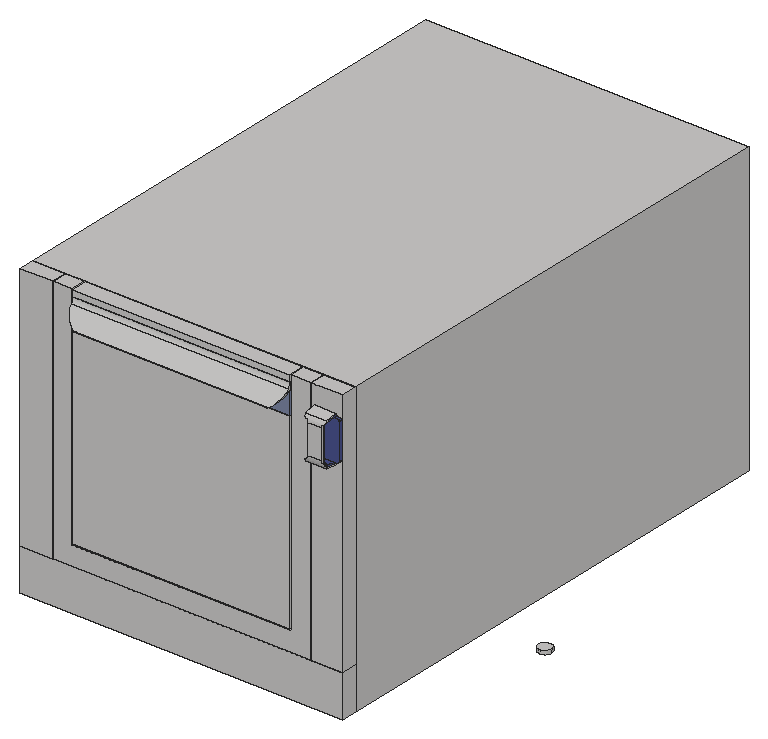
Revit family "QF_ELECTROLUXPROFESSIONAL_588655_MB4CCAEOAO", category Attrezzature speciali, Revit 2020
Family settings
  Quota connettore circolare = Usa diametro
  Tipo di parte = Normale
  Basato su piano di lavoro = No
  Sempre verticale = Sì
  Taglio con vuoti quando caricato = No
  Condiviso = No
  Punto di calcolo locali = No
Parameters (values of type "Standard")
  Weight = 22.00 kg
  Watts = 1000 W
  Volts = 400 V
  URL Manufacturer = "https://www.electroluxprofessional.com/"
  URL = "https://www.electroluxprofessional.com/"
  Steam Supply Size = 0"
  Steam Supply Minimum Pressure = 0.00 psi
  Steam Supply Maximum Pressure = 0.00 psi
  Steam Consumption per Hour = 0
  Refrigeration Suction Line Size = 0 mm
  Refrigeration Liquid Line Size = 0 mm
  Refrigerant Compressor Remote = yes
  Prospetto di default = 0 mm
  Phase = 3
  Modello = "MB4CCAEOAO"
  Produttore = "Electrolux Professional"
  Length Actual = 500 mm  # constant formula
  Item Number = "588655"
  Hot Water Size = 0"
  Height Actual = 450 mm  # constant formula
  HP = "1.3 HP"
  Gas Size = 0"
  Gas KW = 0
  Gas Input Pressure = 0.0 Btu/h
  Direct Waste Size = 0"
  Descrizione = "EL.WARMING CAB,GN,1 DOOR,1S,500X850X450H"
  Depth Actual = 850 mm  # constant formula
  Cycle = 50 Hz
  Condensate Return Size = 0"
  Compressed Air Volume = 0 GPM
  Compressed Air Size = 0"
  Compressed Air Pressure = 0.00 psi
  Cold Water Size = 0"
  Accessory = yes
Reference planes
  plane 1 "BACK": y = 0
  plane 2: z = 0
  plane 3 "LEFT": x = 0
  plane 4 "RIGHT": x = 500
  plane 5 "FRONT": y = -850
  plane 6 "PLAIN": z = 900
  plane 7 "Center (Left/Right)": x = 250
  plane 8 "Center (Front/Back)": y = -425
  plane 9 "TOP": z = 650
  plane 10 "BASE": z = 200
  plane 11: x = 422
  plane 12: x = 78
  plane 13 "Feet_back": y = -150
  plane 14 "Feet_Front": y = -720
  plane 15: x = 50
  plane 16: x = 450
  plane 17: z = 265
  plane 18: y = -45
  plane 19: y = -805
  plane 20: y = -70
  plane 21: y = -830
  plane 22 "ButtonX": x = 475
  plane 23 "ButtonZ": z = 590
  plane 24 "EIy": y = -537.367
  plane 25 "EIx": x = 579.018
Forms (mm)
  Extrusion 1, solid, material "QF_Finishes_Stainless Steel"
    sketch origin (0, 0, 650) x (0, 1, 0) y (0, 0, 1)
      loop
        line (-45, -450) -> (-45, 0) -> (-805, 0) -> (-805, -450) -> (-45, -450)
    from 0 to 500
  Extrusion 2, solid, material "QF_Finishes_Stainless Steel"
    sketch origin (0, 0, 650) x (0, 1, 0) y (0, 0, 1)
      loop
        line (-830, -450) -> (-805, -450) -> (-805, -385) -> (-830, -385) -> (-830, -450)
    from 0 to 500
  Extrusion 3, void
    sketch origin (0, -850, 0) x (1, 0, 0) y (0, 0, 1)
      loop
        line (50, 650) -> (50, 265) -> (450, 265) -> (450, 650) -> (50, 650)
    from 0 to -780
  Extrusion 4, solid, material "QF_Finishes_Stainless Steel"
    sketch origin (0, -850, 0) x (1, 0, 0) y (0, 0, 1)
      loop
        line (80, 650) -> (80, 627) -> (420, 627) -> (420, 650) -> (80, 650)
    from -45 to -805
  Extrusion 5, solid, material "QF_Finishes_Stainless Steel"
    sketch origin (0, -850, 0) x (1, 0, 0) y (0, 0, 1)
      loop
        line (50, 650) -> (50, 265) -> (450, 265) -> (450, 650) -> (420, 650) -> (420, 295) -> (80, 295) -> (80, 650) -> (50, 650)
    from -45 to -780
  Extrusion 6, solid, material "QF_Finishes_Stainless Steel"
    sketch origin (0, -850, 0) x (1, 0, 0) y (0, 0, 1)
      loop
        line (0, 650) -> (0, 265) -> (50, 265) -> (50, 650) -> (0, 650)
    from -20 to -45
  Extrusion 7, solid, material "QF_Finishes_Stainless Steel"
    sketch origin (0, -850, 0) x (1, 0, 0) y (0, 0, 1)
      loop
        line (450, 650) -> (450, 265) -> (500, 265) -> (500, 650) -> (450, 650)
    from -20 to -45
  Extrusion 8, solid, material "QF_Finishes_Stainless Steel"
    sketch origin (0, 0, 200) x (-1, 0, 0) y (0, -1, 0)
      loop
        circle (-579.018, 537.367) r 10
    from 0 to -5
  Extrusion 9, solid, material "QF_Finishes_Stainless Steel"
    sketch origin (220, -850, 0) x (1, 0, 0) y (0, 0, 1)
      loop
        line (-170, 650) -> (-170, 265) -> (230, 265) -> (230, 650) -> (200, 650) -> (200, 295) -> (-140, 295) -> (-140, 650) -> (-170, 650)
    from -20 to -45
Cuts and joins
  Extrusion 3 cuts Extrusion 1
  joined: Extrusion 1, Extrusion 4, Extrusion 5
Lines and regions (mm)
  symbolic lines, style "SpecialityEquipmentHiddenLines"
    curve 1: line (0, 0, 0) -> (500, 0, 0)
    curve 2: line (0, -850, 0) -> (0, 0, 0)
    curve 3: line (500, -850, 0) -> (0, -850, 0)
    curve 4: line (500, 0, 0) -> (500, -850, 0)
Dimensions and locks
  plane 3 "LEFT" to plane 4 "RIGHT" = 500 mm
  plane 5 "FRONT" to plane 1 "BACK" = 850 mm
  equal spacing: plane 3 "LEFT", plane 7 "Center (Left/Right)", plane 4 "RIGHT"
  equal spacing: plane 5 "FRONT", plane 8 "Center (Front/Back)", plane 1 "BACK"
  plane 6 "PLAIN" to plane 9 "TOP" = 250 mm
  plane 10 "BASE" to level = 200 mm
  plane 9 "TOP" to plane 10 "BASE" = 450 mm
  locked: plane 1 "BACK" to plane 13 "Feet_back" at 150
  locked: plane 14 "Feet_Front" to plane 5 "FRONT" at 130
  locked: plane 12 to plane 3 "LEFT" at 78
  locked: plane 11 to plane 4 "RIGHT" at 78
  plane 16 to plane 15 = 400 mm
  equal spacing: plane 16, plane 7 "Center (Left/Right)", plane 15
  locked: plane 17 to plane 10 "BASE" at 65
  locked: plane 1 "BACK" to plane 18 at 45
  plane 9 "TOP" to Extrusion 4 sketch curve = 23 mm
  locked: Extrusion 4 sketch curve to plane 15 at 30
  locked: plane 16 to Extrusion 4 sketch curve at 30
  locked: Extrusion 5 sketch curve to plane 17 at 30
  plane 6 "PLAIN" to level = 900 mm
  Extrusion 5 to Extrusion 5 = 340 mm
  locked: plane 18 to plane 20 at 25
  locked: plane 21 to plane 5 "FRONT" at 20
  locked: plane 19 to plane 21 at 25
  plane 18 to plane 21 = 785 mm
  plane 22 "ButtonX" to plane 4 "RIGHT" = 25 mm
  plane 23 "ButtonZ" to level = 590 mm
  aligned and locked: level to plane 2
  aligned and locked: Extrusion 1 to plane 4 "RIGHT"
  aligned and locked: Extrusion 1 to plane 3 "LEFT"
  aligned and locked: Extrusion 2 to plane 4 "RIGHT"
  aligned and locked: plane 9 "TOP" to Extrusion 3 sketch curve
  aligned and locked: Extrusion 3 sketch curve to plane 15
  aligned and locked: plane 16 to Extrusion 3 sketch curve
  aligned and locked: Extrusion 2 to plane 10 "BASE"
  aligned and locked: Extrusion 2 to plane 17
  aligned and locked: plane 17 to Extrusion 3 sketch curve
  aligned and locked: Extrusion 4 to plane 18
  aligned and locked: Extrusion 5 sketch curve to plane 15
  aligned and locked: plane 16 to Extrusion 5 sketch curve
  aligned and locked: plane 9 "TOP" to Extrusion 5 sketch curve  (x2)
  aligned and locked: plane 17 to Extrusion 5 sketch curve
  aligned and locked: Extrusion 5 sketch curve to Extrusion 4  (x2)
  aligned and locked: Extrusion 6 sketch curve to plane 9 "TOP"
  aligned and locked: plane 3 "LEFT" to Extrusion 6 sketch curve
  aligned and locked: Extrusion 6 sketch curve to plane 17
  aligned and locked: Extrusion 6 sketch curve to plane 15
  aligned and locked: Extrusion 7 sketch curve to plane 9 "TOP"
  aligned and locked: plane 16 to Extrusion 7 sketch curve
  aligned and locked: Extrusion 7 sketch curve to plane 17
  aligned and locked: plane 4 "RIGHT" to Extrusion 7 sketch curve
  aligned and locked: cut or joined group of Extrusion 1, Extrusion 3, Extrusion 4, Extrusion 5 to Extrusion 4
  aligned and locked: plane 7 "Center (Left/Right)" to nested 1
  aligned and locked: Extrusion 5 to plane 20
  aligned and locked: cut or joined group of Extrusion 1, Extrusion 3, Extrusion 4, Extrusion 5 to plane 20
  aligned and locked: cut or joined group of Extrusion 1, Extrusion 3, Extrusion 4, Extrusion 5 to plane 18
  aligned and locked: plane 19 to Extrusion 4
  aligned and locked: Extrusion 6 to plane 19
  aligned and locked: plane 21 to Extrusion 6
  aligned and locked: plane 21 to Extrusion 7
  aligned and locked: Extrusion 7 to plane 19
  aligned and locked: Extrusion 2 to plane 19
  aligned and locked: plane 21 to Extrusion 2
  aligned and locked: plane 23 "ButtonZ" to nested 2
  aligned and locked: nested 2 to plane 21
  aligned and locked: plane 22 "ButtonX" to nested 2
  aligned and locked: plane 19 to cut or joined group of Extrusion 1, Extrusion 3, Extrusion 4, Extrusion 5
  aligned and locked: Extrusion 9 sketch curve to plane 17
Automatic sketch dimensions
  curve 3 to plane 3 "LEFT" = 0 mm
  curve 3 to plane 4 "RIGHT" = 0 mm
  plane 5 "FRONT" to curve 3 = 0 mm
  plane 1 "BACK" to curve 2 = 0 mm
  Extrusion 1 sketch curve to plane 10 "BASE" = 0 mm
  Extrusion 1 sketch curve to plane 19 = 0 mm
  Extrusion 1 sketch curve to plane 18 = 0 mm
  Extrusion 1 sketch curve to plane 9 "TOP" = 0 mm
  plane 17 to Extrusion 2 sketch curve = 0 mm
  Extrusion 2 sketch curve to plane 21 = 0 mm
  Extrusion 2 sketch curve to plane 10 "BASE" = 0 mm
  Extrusion 2 sketch curve to plane 19 = 0 mm
  Extrusion 4 sketch curve to plane 9 "TOP" = 0 mm
  Extrusion 8 sketch curve to plane 24 "EIy" = 0 mm
  Extrusion 8 sketch curve to plane 25 "EIx" = 0 mm
  Extrusion 9 sketch curve to plane 15 = 0 mm
  Extrusion 9 sketch curve to plane 9 "TOP" = 0 mm  (x2)
  Extrusion 9 sketch curve to plane 16 = 0 mm
  plane 15 to Extrusion 9 sketch curve = 30 mm
  Extrusion 9 sketch curve to plane 16 = 30 mm
  Extrusion 9 sketch curve to plane 17 = 30 mm
  radius of Extrusion 8 sketch curve = 10 mm
Nested families
  nested 1: "H450_1DOOR" at (213.958, -805, 200) x (1, 0, 0) z (0, -1, 0), type "H450_1DOOR"
    with Width 340 mm, Show Clearance yes
  nested 2: "Range Control Handle" at (475, -833.137, -381.092), type "Range Control Handle"
Connectors
  electrical at (579.018, -537.367, 195), driven by "Volts"
    settings: on Extrusion 8, index 1, voltage 400 V, apparent load 0 VA, apparent load phase1 0 VA, apparent load phase2 0 VA, apparent load phase3 0 VA, power factor 1, load classification "Other", number of poles 1, system type 30, power factor state 1, is connector primary yes, connector utility no, sub classification motor no, connector description "Electrical Connection"
Definition of nested family "H450_1DOOR"
  Parameters
    Width [instance] = 340 mm
    Show Clearance [instance] = yes
    Model = "727995"
    Height = 450 mm
    Default Elevation = 0 mm
  Reference planes
    plane 1 "Center (Front/Back)": y = 0
    plane 2: z = 0
    plane 3 "Center (Left/Right)": x = 36.042
    plane 4 "panel": z = 25
    plane 5: x = -133.958
    plane 6: x = 206.042
    plane 7: y = 450
    plane 8: z = 340
    plane 9: z = 45
    plane 10: x = -108.958
  Forms (mm)
    Extrusion 1, solid
      sketch origin (0, -919.2, 0) x (1, 0, 0) y (0, 1, 0)
        loop
          line (-980.5, 2119.2) -> (-980.5, -162.846) -> (881.94, -162.846) -> (881.94, 2119.2) -> (-980.5, 2119.2)
      from 0 to -59.546
    Extrusion 2, solid
      sketch origin (0, 0, 0) x (1, 0, 0) y (0, 1, 0)
        loop
          line (-131.958, 97) -> (204.042, 97) -> (204.042, 393) -> (-131.958, 393) -> (-131.958, 97)
      from 0 to 25
    Extrusion 3, solid
      sketch origin (0, 0, 0) x (1, 0, 0) y (0, 1, 0)
        loop
          line (-131.958, 393) -> (204.042, 393) -> (204.042, 440) -> (-131.958, 440) -> (-131.958, 393)
      from 0 to 25
    Extrusion 4, solid
      sketch origin (36.042, 0, 0) x (0, 1, 0) y (0, 0, 1)
        loop
          line (426.693, 25) -> (440.02, 25)
          arc (440.02, 25) -> (435.261, 25.775) -> (430.993, 28.02) r 15
          line (430.993, 28.02) -> (406.653, 46.362) -> (403.644, 42.369) -> (426.693, 25)
      from -168 to 168
    Extrusion 5, void
      sketch origin (72.084, 0, 0) x (-1, 0, 0) y (0, -1, 0)
        loop
          line (204.042, -426.693) -> (204.042, -403.644) -> (180.317, -403.644)
          arc (180.317, -403.644) -> (194.508, -412.772) -> (204.042, -426.693) r 42.603
      from 25 to 47.9
    Extrusion 6, solid
      sketch origin (0, 0, 0) x (1, 0, 0) y (0, 1, 0)
        loop
          line (-131.958, 440) -> (204.042, 440) -> (204.042, 450) -> (-131.958, 450) -> (-131.958, 440)
      from 0 to 25
    Extrusion 7, void
      sketch origin (0, 0, 0) x (1, 0, 0) y (0, 1, 0)
        loop
          arc (204.042, 426.693) -> (194.508, 412.772) -> (180.317, 403.644) r 42.603
          line (180.317, 403.644) -> (204.042, 403.644) -> (204.042, 426.693)
      from 25 to 47.9
    Extrusion 8, solid, detail levels coarse
      sketch origin (0, 0, 0) x (1, 0, 0) y (0, 0, 1)
        loop
          line (-133.958, 340) -> (-133.958, 25) -> (206.042, 25)
          arc (206.042, 25) -> (107.107, 241.065) -> (-108.958, 340) r 340.918
          line (-108.958, 340) -> (-133.958, 340)
      from -450 to -97
  Cuts and joins
    Extrusion 5, Extrusion 7 cuts Extrusion 4
    Extrusion 7 cuts Extrusion 3
  Lines and regions (mm)
    symbolic lines
      curve 1: line (-133.958, 0, 340) -> (-133.958, 0, 45)
      curve 2: arc (203.986, 0, 44.931) -> (99.919, 0, 248.045) -> (-108.958, 0, 340) r 340.918
      curve 3: line (-108.958, 0, 45) -> (-108.958, 0, 340)
      curve 4: line (-108.958, 0, 340) -> (-133.958, 0, 340)
  Dimensions and locks
    plane 4 "panel" to level = 25 mm
    "Width": plane 5 to plane 6
    equal spacing: plane 5, plane 3 "Center (Left/Right)", plane 6
    "Height": plane 1 "Center (Front/Back)" to plane 7
    locked: plane 5 to Extrusion 2 sketch curve at 2
    locked: plane 1 "Center (Front/Back)" to Extrusion 2 sketch curve at 97
    locked: plane 7 to Extrusion 2 sketch curve at 57
    Extrusion 3 sketch curve to Extrusion 2 = 47 mm
    locked: Extrusion 2 sketch curve to plane 6 at 2
    "Width": Extrusion 1 to plane 8
    locked: plane 10 to plane 5 at 25
    aligned and locked: plane 2 to Extrusion 1
    aligned and locked: level to Extrusion 1
    aligned and locked: plane 4 "panel" to Extrusion 2
    aligned and locked: plane 4 "panel" to Extrusion 3
    aligned and locked: Extrusion 4 to Extrusion 3
    aligned and locked: Extrusion 3 to Extrusion 4
    aligned and locked: Extrusion 3 to Extrusion 2
    aligned and locked: cut or joined group of Extrusion 4, Extrusion 5, Extrusion 7 to plane 4 "panel"
    aligned and locked: plane 7 to Extrusion 6 sketch curve
    aligned and locked: plane 4 "panel" to Extrusion 6
    aligned and locked: Extrusion 2 to Extrusion 6
    aligned and locked: Extrusion 7 sketch curve to Extrusion 2
    aligned and locked: Extrusion 2 to cut or joined group of Extrusion 4, Extrusion 5, Extrusion 7
    aligned and locked: plane 5 to Extrusion 8 sketch curve
    aligned and locked: plane 4 "panel" to Extrusion 8 sketch curve
    aligned and locked: plane 7 to Extrusion 8
    aligned and locked: Extrusion 2 to Extrusion 8
  Automatic sketch dimensions
    Extrusion 1 sketch curve to Extrusion 1 sketch curve = 1862.44 mm
    Extrusion 1 sketch curve to Extrusion 1 sketch curve = 2282.046 mm
    plane 5 to Extrusion 3 sketch curve = 2 mm
    Extrusion 3 sketch curve to plane 6 = 2 mm
    Extrusion 3 sketch curve to Extrusion 3 sketch curve = 47 mm
    Extrusion 4 sketch curve to plane 4 "panel" = 0 mm
    plane 4 "panel" to Extrusion 4 sketch curve = 17.369 mm
    Extrusion 4 sketch curve to plane 7 = 46.356 mm
    plane 4 "panel" to Extrusion 4 sketch curve = 21.362 mm
    Extrusion 4 sketch curve to Extrusion 4 sketch curve = 3.009 mm
    plane 4 "panel" to Extrusion 4 sketch curve = 3.02 mm
    Extrusion 4 sketch curve to Extrusion 4 sketch curve = 9.027 mm
    plane 7 to Extrusion 5 sketch curve = 6.671 mm
    Extrusion 5 sketch curve to plane 5 = 41.221 mm
    Extrusion 5 sketch curve to plane 5 = 25.725 mm
    Extrusion 5 sketch curve to plane 5 = 2 mm
    plane 7 to Extrusion 5 sketch curve = 23.307 mm
    plane 5 to Extrusion 6 sketch curve = 2 mm
    Extrusion 6 sketch curve to plane 6 = 2 mm
    Extrusion 6 sketch curve to plane 7 = 10 mm
    Extrusion 7 sketch curve to Extrusion 7 sketch curve = 23.725 mm
    Extrusion 7 sketch curve to plane 7 = 6.671 mm
    Extrusion 7 sketch curve to plane 6 = 41.221 mm
    Extrusion 7 sketch curve to plane 7 = 23.307 mm
    curve 4 to plane 5 = 0 mm
    curve 3 to plane 8 = 0 mm
    plane 10 to curve 4 = 0 mm
    curve 2 to level = 0 mm
    curve 1 to plane 9 = 0 mm
    curve 3 to plane 9 = 0 mm
    curve 2 to plane 9 = 0.069 mm
    curve 2 to plane 5 = 0 mm
    Extrusion 8 sketch curve to level = 0 mm
    Extrusion 8 sketch curve to plane 5 = 0 mm
    Extrusion 8 sketch curve to plane 8 = 0 mm
    Extrusion 8 sketch curve to plane 6 = 0 mm
Definition of nested family "Range Control Handle"
  Parameters
    Default Elevation = 0 mm
  Reference planes
    plane 1 "Center (Front/Back)": y = 0
    plane 2: z = 0
    plane 3 "Center (Left/Right)": x = 0
    plane 4: z = 971.092
    plane 5: y = -16.9
  Forms (mm)
    Extrusion 1, solid
      sketch origin (-746.28, 380.497, 208.931) x (-1, 0, 0) y (0, 0, 1)
        loop
          line (-770.101, 786.798) -> (-770.101, 731.649)
          arc (-770.101, 731.649) -> (-769.759, 730.563) -> (-768.855, 729.87) r 1.893
          line (-768.855, 729.87) -> (-763.474, 727.911) -> (-729.81, 727.911) -> (-724.428, 729.87)
          arc (-724.428, 729.87) -> (-723.525, 730.563) -> (-723.183, 731.649) r 1.893
          line (-723.183, 731.649) -> (-723.183, 786.798)
          arc (-723.183, 786.798) -> (-723.529, 787.894) -> (-724.44, 788.593) r 1.91
          line (-724.44, 788.593) -> (-729.683, 790.819) -> (-763.601, 790.819) -> (-768.844, 788.593)
          arc (-768.844, 788.593) -> (-769.755, 787.894) -> (-770.101, 786.798) r 1.91
      from -382.35 to -378.852
    Sweep 2, solid
      path origin (-746.788, 380.496, 208.091) x (0, -1, 0) y (0, 0, 1)
        loop
          line (379.775, 793.281) -> (395.661, 791.048)
          arc (395.661, 791.048) -> (397.781, 787.377) -> (398.517, 783.202) r 12.207
          line (398.517, 783.202) -> (398.517, 737.368)
          arc (398.517, 737.368) -> (397.781, 733.193) -> (395.661, 729.522) r 12.207
          line (395.661, 729.522) -> (379.775, 727.289)
      profile origin (-746.788, -7.222, 1000.256) x (0, -0.139173, 0.990268) y (-1, 0, 0)
        loop
          line (0.782, -763.123) -> (0.782, -730.907) -> (-1.322, -730.907) -> (-1.322, -763.123) -> (0.782, -763.123)
    Sweep 3, solid
      path origin (-746.788, 380.715, 207.832) x (0, -1, 0) y (0, 0, 1)
        loop
          line (380.478, 795.442) -> (397.218, 793.09)
          arc (397.218, 793.09) -> (399.929, 788.473) -> (400.871, 783.202) r 15.207
          line (400.871, 783.202) -> (400.871, 737.584)
          arc (400.871, 737.584) -> (399.914, 732.274) -> (397.164, 727.633) r 15.207
          line (397.164, 727.633) -> (380.601, 725.305)
      profile origin (-746.788, -8.132, 1002.099) x (0, -0.139173, 0.990268) y (-1, 0, 0)
        loop
          line (0.782, -763.123) -> (0.782, -730.907) -> (-1.322, -730.907) -> (-1.322, -763.123) -> (0.782, -763.123)
    Extrusion 4, void
      sketch origin (889.253, 220.666, 207.993) x (1, 0, 0) y (0, 0, 1)
        loop
          line (-943.038, 816.854) -> (-943.038, 703.686) -> (-899.466, 734.196) -> (-899.466, 786.344) -> (-943.038, 816.854)
      from 230.636 to 242.25
    Extrusion 5, void
      sketch origin (-888.8, 220.666, 207.993) x (-1, 0, 0) y (0, 0, -1)
        loop
          line (-943.038, -816.854) -> (-899.466, -786.344) -> (-899.466, -734.196) -> (-943.038, -703.686) -> (-943.038, -816.854)
      from 230.636 to 242.25
    Extrusion 6, solid
      sketch origin (0, 0, 0) x (1, 0, 0) y (0, 0, 1)
        loop
          circle (0, 971.092) r 7.736
      from -3.137 to -1.645
  Cuts and joins
    Extrusion 4, Extrusion 5 cuts Sweep 3
    Extrusion 4, Extrusion 5 cuts Sweep 2
    joined: Extrusion 1, Extrusion 6
  Lines and regions (mm)
    symbolic lines
      curve 1: line (16.334, -16.9, 0) -> (16.334, -19.227, 0)
      curve 2: spline (16.334, -19.227, 0) -> (15.87, -19.385, 0) -> (15.404, -19.536, 0) -> (14.936, -19.678, 0) -> (14.466, -19.813, 0) -> (13.995, -19.94, 0) -> (13.523, -20.059, 0) -> (13.049, -20.171, 0) -> (12.575, -20.274, 0) -> (12.099, -20.37, 0) -> (11.622, -20.458, 0) -> (11.144, -20.537, 0) -> (10.666, -20.609, 0)
      curve 3: line (10.666, -16.9, 0) -> (10.666, -20.938, 0)
      curve 4: line (-10.213, -20.938, 0) -> (10.666, -20.938, 0)
      curve 5: line (-10.213, -20.938, 0) -> (-10.213, -16.9, 0)
      curve 6: spline (-10.213, -20.609, 0) -> (-10.691, -20.537, 0) -> (-11.169, -20.458, 0) -> (-11.646, -20.37, 0) -> (-12.122, -20.274, 0) -> (-12.597, -20.171, 0) -> (-13.07, -20.059, 0) -> (-13.542, -19.94, 0) -> (-14.013, -19.813, 0) -> (-14.483, -19.678, 0) -> (-14.951, -19.536, 0) -> (-15.417, -19.385, 0) -> (-15.881, -19.227, 0)
      curve 7: line (-15.881, -19.227, 0) -> (-15.881, -16.9, 0)
